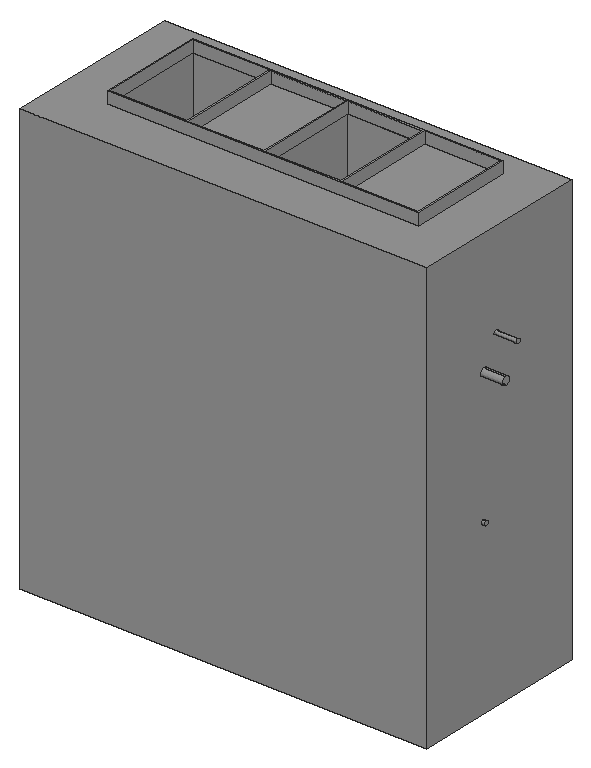
Revit family "Высоконапорный канальный блок VRF-системы", category Mechanical Equipment, host Face, Revit 2016
Family settings
  Host = Face
  Part Type = Normal
  Round Connector Dimension = Use Diameter
  Cut with Voids When Loaded = No
  Shared = No
  Room Calculation Point = No
Parameters (values of type "ESVMD-SF-224-A")
  Электропитание, (В) = size_lookup(Таблица электропитание, "", "Не найдено", Артикул)  # "380"
  Эл. питание(коннектор) = 380 V
  Ширина воздуховода = Ширина - 260.00 mm  # 800.00 mm
  Частота сети = size_lookup(Таблица параметров, "Частота сети", 0 Hz, Артикул)  # 50 Hz
  Холодопроизводительность = size_lookup(Таблица параметров, "Производительность Охлаждение", 0.00 kW, Артикул)  # 22.40 kW
  Фаза = 1
  Теплопроизводительность = size_lookup(Таблица параметров, "Производительность Нагрев", 0.00 kW, Артикул)  # 25.00 kW
  Таблица электропитание = "Электропитание"  # constant formula
  Ширина = size_lookup(Таблица параметров, "Ширина", 0.00 mm, Артикул)  # 1060.00 mm
  Уровень звукового давления, (Дб(А)) = size_lookup(Таблица уровень звукового давления, "", "Не найдено", Артикул)  # "52"
  Таблица уровень звукового давления = "Уровень звукового давления"  # constant formula
  Таблица расход воздуха = "Расход воздуха"  # constant formula
  Таблица наименование = "Наименование"  # constant formula
  Таблица модель = "Модель"  # constant formula
  Таблица параметров = "Таблица параметров"  # constant formula
  Расход воздуха, (м.куб/ч) = size_lookup(Таблица расход воздуха, "", "Не найдено", Артикул)  # "3480"
  Производитель = "Electrolux"  # constant formula
  Позиция = ""
  Watermarked By = ""
  Default Elevation = 1219.20 mm
  Наименование = size_lookup(Таблица наименование, "", "Не найдено", Артикул)  # "Высоконапорный канальный блок VRF-системы"
  Модель = size_lookup(Таблица модель, "", "Не найдено", Артикул)  # "ESVMD-SF-224-A"
  Диаметр жидкостной трубы = size_lookup(Таблица параметров, "Диаметр френопровода жидкость", 0.00 mm, Артикул)  # 9.53 mm
  Диаметр газовой трубы = size_lookup(Таблица параметров, "Диаметр френопровода газ", 0.00 mm, Артикул)  # 19.05 mm
  Высота воздуховода = 276.00 mm  # constant formula
  Высота = size_lookup(Таблица параметров, "Высота", 0.00 mm, Артикул)  # 470.00 mm
  Глубина = size_lookup(Таблица параметров, "Глубина", 0.00 mm, Артикул)  # 1120.00 mm
  Вес = size_lookup(Таблица параметров, "Вес", 0.00 kg, Артикул)  # 94.00 kg
  Артикул = 1022707
Types (3, lengths in mm): name | Ширина воздуховода | Холодопроизводительность | Теплопроизводительность | Ширина | Уровень звукового давления, (Дб(А)) | Расход воздуха, (м.куб/ч) | Модель | Диаметр газовой трубы | Вес | Артикул
  (no name) | 800.00 | 22.40 kW | 25.00 kW | 1060.00 | "52" | "3480" | "ESVMD-SF-224-A" | 19.05 | 94.00 kg | 1022707
  ESVMD-SF-224-A | 800.00 | 22.40 kW | 25.00 kW | 1060.00 | "52" | "3480" | "ESVMD-SF-224-A" | 19.05 | 94.00 kg | 1022707
  ESVMD-SF-280-A | 990.00 | 28.00 kW | 31.50 kW | 1250.00 | "54" | "4650" | "ESVMD-SF-280-A" | 22.20 | 106.00 kg | 1022708
Reference planes
  plane 1 "По центру (Вперед/Назад)": y = 0
  plane 2: z = 0
  plane 3 "По центру (Влево/Вправо)": x = 0
Dimensions and locks
  aligned and locked: plane 2 to host face
  aligned and locked: level to host face
  aligned and locked: nested 4 to plane 3 "По центру (Влево/Вправо)"
  aligned and locked: plane 1 "По центру (Вперед/Назад)" to nested 4
Nested families
  nested 1: "Трубка" at (530, -13, 874) x (0, 0, -1) z (1, 0, 0), Диаметр трубки <- "Диаметр жидкостной трубы", type "Трубка"
    with Диаметр трубки 9.53 mm
  nested 2: "Трубка" at (530, -53, 799) x (0, 0, -1) z (1, 0, 0), Диаметр трубки <- "Диаметр газовой трубы", type "Трубка"
    with Диаметр трубки 19.05 mm
  nested 3: "Трубка l" at (530, -55, 450) x (0, 0, -1) z (1, 0, 0), type "Трубка l"
    with Диаметр трубки 10.00 mm
  nested 4: "Корпус высоконапорного" at (0, 0, 0) x (0, 1, 0) z (0, 0, 1), Высота воздуховода <- "Высота воздуховода", Глубина <- "Глубина", Высота <- "Высота", Ширина <- "Ширина", Ширина воздуховода <- "Ширина воздуховода", type "Корпус высоконапорного"
    with Ширина воздуховода 800.00 mm, Ширина 1060.00 mm, Глубина 1120.00 mm, Высота воздуховода 276.00 mm, Высота 470.00 mm
Connectors
  piping at (590, -13, 874), diameter 9.53, driven by "Диаметр жидкостной трубы"
    settings: on nested 1, index 1, connector inside diameter 609.6 mm, connector length 0.00 mm, flow factor 0, pipe flow 0 m³/h, pressure drop 0.0 Pa, fitting loss kfactor 0, connector angle 0.00°, fixture units 0, engagement length 0.00 mm, angle of deflection 0.00°, flow configuration 0, flow direction 0, fitting loss method 0, system type 7, joint type 0, gender type 0, connector reference index -1, connector utility 0, adjustable connector no, is connector primary yes, connector description ""
  piping at (590, -53, 799), diameter 9.53, driven by "Диаметр жидкостной трубы"
    settings: on nested 2, index 2, connector inside diameter 609.6 mm, connector length 0.00 mm, flow factor 0, pipe flow 0 m³/h, pressure drop 0.0 Pa, fitting loss kfactor 0, connector angle 0.00°, fixture units 0, engagement length 0.00 mm, angle of deflection 0.00°, flow configuration 0, flow direction 0, fitting loss method 0, system type 7, joint type 0, gender type 0, connector reference index -1, connector utility 0, adjustable connector no, is connector primary no, connector description ""
  electrical at (540, -55, 450), driven by "Эл. питание(коннектор)", driven by "Фаза", driven by "Теплопроизводительность"
    settings: on nested 3, index 3, voltage 380 V, apparent load 0 kW, apparent load phase1 25 kW, apparent load phase2 0 kW, apparent load phase3 0 kW, power factor 1, load classification "Прочее", number of poles 1, system type 31, power factor state 1, is connector primary yes, connector utility no, sub classification motor no, connector description ""
  hvac at (1.5, 30, 1120), driven by "Высота воздуховода", driven by "Ширина воздуховода"
    settings: on nested 4, index 4, duct flow 0 m³/h, flow factor 0, pres drop 0.0 Pa, loss coef 0, conn angle 0.00°, conn width 800 mm, conn height 276 mm, conn diameter 609.6 mm, duct sys type 1, conn prof type 1, flow config 0, flow direction 2, loss method 0, conn ref index -1, conn util no, is conn primary yes, conn desc ""
  hvac at (0, 30, 0), driven by "Высота воздуховода", driven by "Ширина воздуховода"
    settings: on nested 4, index 5, duct flow 0 m³/h, flow factor 0, pres drop 0.0 Pa, loss coef 0, conn angle 0.00°, conn width 800 mm, conn height 276 mm, conn diameter 609.6 mm, duct sys type 1, conn prof type 1, flow config 0, flow direction 1, loss method 0, conn ref index -1, conn util no, is conn primary no, conn desc ""
Definition of nested family "Трубка"
  Parameters (values of type "Трубка")
    Watermarked By = ""
    Type Comments = "﻿﻿                                              ​                       ​     ﻿                     ﻿                               ﻿    ﻿       ﻿﻿           ﻿     ​﻿    ​ ﻿  ﻿             ﻿ ​ ​ ﻿    ﻿     ﻿﻿"
    Keynote = "﻿﻿                                              ​                       ​     ﻿                     ﻿                               ﻿    ﻿       ﻿﻿           ﻿     ​﻿    ​ ﻿  ﻿             ﻿ ​ ​ ﻿    ﻿     ﻿﻿"
    Description = "﻿﻿                                              ​                       ​     ﻿                     ﻿                               ﻿    ﻿       ﻿﻿           ﻿     ​﻿    ​ ﻿  ﻿             ﻿ ​ ​ ﻿    ﻿     ﻿﻿"
    Default Elevation = 1219.20 mm
    Диаметр трубки [instance] = 10.00 mm
    Assembly Code = "﻿﻿                                              ​                       ​     ﻿                     ﻿                               ﻿    ﻿       ﻿﻿           ﻿     ​﻿    ​ ﻿  ﻿             ﻿ ​ ​ ﻿    ﻿     ﻿﻿"
  Reference planes
    plane 1 "По центру (Вперед/Назад)": y = 0
    plane 2: z = 0
    plane 3 "По центру (Влево/Вправо)": x = 0
  Forms (mm)
    Extrusion 1, solid
      sketch origin (0, 0, 0) x (1, 0, 0) y (0, 1, 0)
        loop
          line (-1219.2, 1219.2) -> (-1219.2, -1219.2) -> (1219.2, -1219.2) -> (1219.2, 1219.2) -> (-1219.2, 1219.2)
      from 0 to -304.8
    Extrusion 2, solid, detail levels fine
      sketch origin (0, 0, 0) x (1, 0, 0) y (0, 1, 0)
        loop
          circle (0, 0) r 5
      from 0 to 60
  Dimensions and locks
    "Диаметр трубки": diameter of Extrusion 2 sketch curve
    aligned and locked: plane 2 to Extrusion 1
    aligned and locked: level to Extrusion 1
  Automatic sketch dimensions
    Extrusion 1 sketch curve to Extrusion 1 sketch curve = 2438.40 mm  (x2)
    plane 1 "По центру (Вперед/Назад)" to Extrusion 2 sketch curve = 0.00 mm
    Extrusion 2 sketch curve to plane 3 "По центру (Влево/Вправо)" = 0.00 mm
Definition of nested family "Трубка l"
  Parameters (values of type "Трубка l")
    Watermarked By = ""
    Type Comments = "﻿﻿                                              ​                       ​     ﻿                     ﻿                               ﻿    ﻿       ﻿﻿           ﻿     ​﻿    ​ ﻿  ﻿             ﻿ ​ ​ ﻿    ﻿     ﻿﻿"
    Keynote = "﻿﻿                                              ​                       ​     ﻿                     ﻿                               ﻿    ﻿       ﻿﻿           ﻿     ​﻿    ​ ﻿  ﻿             ﻿ ​ ​ ﻿    ﻿     ﻿﻿"
    Description = "﻿﻿                                              ​                       ​     ﻿                     ﻿                               ﻿    ﻿       ﻿﻿           ﻿     ​﻿    ​ ﻿  ﻿             ﻿ ​ ​ ﻿    ﻿     ﻿﻿"
    Default Elevation = 1219.20 mm
    Диаметр трубки [instance] = 10.00 mm
    Assembly Code = "﻿﻿                                              ​                       ​     ﻿                     ﻿                               ﻿    ﻿       ﻿﻿           ﻿     ​﻿    ​ ﻿  ﻿             ﻿ ​ ​ ﻿    ﻿     ﻿﻿"
  Reference planes
    plane 1 "По центру (Вперед/Назад)": y = 0
    plane 2: z = 0
    plane 3 "По центру (Влево/Вправо)": x = 0
  Forms (mm)
    Extrusion 1, solid
      sketch origin (0, 0, 0) x (1, 0, 0) y (0, 1, 0)
        loop
          line (-1219.2, 1219.2) -> (-1219.2, -1219.2) -> (1219.2, -1219.2) -> (1219.2, 1219.2) -> (-1219.2, 1219.2)
      from 0 to -304.8
    Extrusion 2, solid, detail levels fine
      sketch origin (0, 0, 0) x (1, 0, 0) y (0, 1, 0)
        loop
          circle (0, 0) r 5
      from 0 to 10
  Dimensions and locks
    "Диаметр трубки": diameter of Extrusion 2 sketch curve
    aligned and locked: plane 2 to Extrusion 1
    aligned and locked: level to Extrusion 1
  Automatic sketch dimensions
    Extrusion 1 sketch curve to Extrusion 1 sketch curve = 2438.40 mm  (x2)
    plane 1 "По центру (Вперед/Назад)" to Extrusion 2 sketch curve = 0.00 mm
    Extrusion 2 sketch curve to plane 3 "По центру (Влево/Вправо)" = 0.00 mm
Definition of nested family "Корпус высоконапорного"
  Parameters (values of type "Корпус высоконапорного")
    Ширина воздуховода [instance] = 800.00 mm
    Ширина [instance] = 1060.00 mm
    Watermarked By = ""
    Type Comments = "﻿﻿                                              ​                       ​     ﻿                     ﻿                               ﻿    ﻿       ﻿﻿           ﻿     ​﻿    ​ ﻿  ﻿             ﻿ ​ ​ ﻿    ﻿     ﻿﻿"
    Keynote = "﻿﻿                                              ​                       ​     ﻿                     ﻿                               ﻿    ﻿       ﻿﻿           ﻿     ​﻿    ​ ﻿  ﻿             ﻿ ​ ​ ﻿    ﻿     ﻿﻿"
    Description = "﻿﻿                                              ​                       ​     ﻿                     ﻿                               ﻿    ﻿       ﻿﻿           ﻿     ​﻿    ​ ﻿  ﻿             ﻿ ​ ​ ﻿    ﻿     ﻿﻿"
    Default Elevation = 1219.20 mm
    Высота воздуховода [instance] = 176.00 mm
    Высота [instance] = 470.00 mm
    Глубина [instance] = 1120.00 mm
    Assembly Code = "﻿﻿                                              ​                       ​     ﻿                     ﻿                               ﻿    ﻿       ﻿﻿           ﻿     ​﻿    ​ ﻿  ﻿             ﻿ ​ ​ ﻿    ﻿     ﻿﻿"
  Reference planes
    plane 1 "По центру (Вперед/Назад)": y = 0
    plane 2: z = 0
    plane 3 "По центру (Влево/Вправо)": x = 0
    plane 4: y = 530
    plane 5: y = -530
    plane 6: x = -235
    plane 7: x = 235
    plane 8: y = -400
    plane 9: y = 400
    plane 10: x = -105
    plane 11: x = 165
    plane 12: x = -108
    plane 13: x = 168
    plane 14: y = 403
    plane 15: y = -403
    plane 16: y = 200
    plane 17: y = -200
    plane 18: y = 197
    plane 19: y = -203
    plane 20: y = -3
  Forms (mm)
    Extrusion 1, solid
      sketch origin (0, 0, 0) x (1, 0, 0) y (0, 1, 0)
        loop
          line (-1219.2, 1219.2) -> (-1219.2, -1219.2) -> (1219.2, -1219.2) -> (1219.2, 1219.2) -> (-1219.2, 1219.2)
      from 0 to -304.8
    Extrusion 2, solid, detail levels medium+fine
      sketch origin (0, 0, 0) x (1, 0, 0) y (0, 1, 0)
        loop
          line (-235, -530) -> (235, -530) -> (235, 530) -> (-235, 530) -> (-235, -530)
      from 0 to 1120 <- "Глубина"
    Extrusion 3, void
      sketch origin (0, 0, 0) x (1, 0, 0) y (0, 0, 1)
        loop
          line (165, 850) -> (165, 1120) -> (-105, 1120) -> (165, 850)
      from 0 to 200
    Extrusion 4, solid, detail levels fine
      sketch origin (0, 0, 0) x (0, 1, 0) y (1, 0, 0)
        loop
          line (403, -108) -> (403, 168) -> (-403, 168) -> (-403, -108) -> (403, -108)
        loop
          line (400, -105) -> (400, 165) -> (-400, 165) -> (-400, -105) -> (400, -105)
      from 0 to 30
    Extrusion 5, solid, detail levels fine
      sketch origin (0, 0, 1120) x (1, 0, 0) y (0, 1, 0)
        loop
          line (165, 197) -> (-105, 197) -> (-105, 0) -> (165, 0) -> (165, 197)
        loop
          line (-105, 400) -> (-105, 200) -> (165, 200) -> (165, 400) -> (-105, 400)
        loop
          line (165, -403) -> (165, -203) -> (-105, -203) -> (-105, -403) -> (165, -403)
        loop
          line (168, 403) -> (-108, 403) -> (-108, -406) -> (168, -406) -> (168, 403)
        loop
          line (-105, -200) -> (165, -200) -> (165, -3) -> (-105, -3) -> (-105, -200)
      from 0 to 30
    Extrusion 6, void
      sketch origin (0, 0, 0) x (1, 0, 0) y (0, 0, 1)
        loop
          line (-105, 1120) -> (165, 850) -> (165, 1120) -> (-105, 1120)
      from -400 to -200
  Cuts and joins
    Extrusion 3, Extrusion 6 cuts Extrusion 2
    Extrusion 6 cuts Extrusion 5
  Lines and regions (mm)
    model lines, detail levels coarse
      curve 1: line (235, -530, 0) -> (235, 530, 0)
      curve 2: line (235, -530, 1120) -> (235, 530, 1120)
      curve 3: line (235, -530, 0) -> (235, -530, 1120)
      curve 4: line (235, -530, 1120) -> (-235, -530, 1120)
      curve 5: line (-235, -530, 0) -> (235, -530, 0)
      curve 6: line (235, 530, 0) -> (235, 530, 1120)
      curve 7: line (235, 530, 1120) -> (-235, 530, 1120)
      curve 8: line (-235, 530, 0) -> (235, 530, 0)
      curve 9: line (-235, 530, 0) -> (-235, -530, 0)
      curve 10: line (-235, -530, 0) -> (-235, -530, 1120)
      curve 11: line (-235, -530, 1120) -> (-235, 530, 1120)
      curve 12: line (-235, 530, 1120) -> (-235, 530, 0)
  Dimensions and locks
    equal spacing: plane 4, plane 1 "По центру (Вперед/Назад)", plane 5
    equal spacing: plane 6, plane 3 "По центру (Влево/Вправо)", plane 7
    "Ширина": plane 4 to plane 5
    "Высота": plane 6 to plane 7
    locked: plane 11 to plane 7 at 70
    locked: plane 6 to plane 10 at 130
    locked: plane 8 to plane 15 at 3
    locked: plane 14 to plane 9 at 3
    locked: plane 12 to plane 10 at 3
    locked: plane 11 to plane 13 at 3
    "Ширина воздуховода": plane 9 to plane 8
    equal spacing: plane 9, plane 1 "По центру (Вперед/Назад)", plane 8
    plane 9 to plane 16 = 200.00 mm
    plane 17 to plane 1 "По центру (Вперед/Назад)" = 200.00 mm
    plane 17 to plane 8 = 200.00 mm
    plane 1 "По центру (Вперед/Назад)" to plane 16 = 200.00 mm
    plane 20 to plane 1 "По центру (Вперед/Назад)" = 3.00 mm
    locked: cut or joined group of Extrusion 2, Extrusion 3, Extrusion 6 to Extrusion 5 at 270
    aligned and locked: plane 2 to Extrusion 1
    aligned and locked: level to Extrusion 1
    aligned and locked: Extrusion 2 sketch curve to plane 5
    aligned and locked: Extrusion 2 sketch curve to plane 6
    aligned and locked: plane 4 to Extrusion 2 sketch curve
    aligned and locked: plane 7 to Extrusion 2 sketch curve
    aligned and locked: curve 1 to Extrusion 2
    aligned and locked: Extrusion 3 to plane 1 "По центру (Вперед/Назад)"
    aligned and locked: Extrusion 3 to plane 17
    aligned and locked: Extrusion 4 sketch curve to plane 14
    aligned and locked: Extrusion 4 sketch curve to plane 12
    aligned and locked: plane 15 to Extrusion 4 sketch curve
    aligned and locked: plane 13 to Extrusion 4 sketch curve
    aligned and locked: Extrusion 5 sketch curve to plane 16
    aligned and locked: Extrusion 5 sketch curve to cut or joined group of Extrusion 2, Extrusion 3, Extrusion 6
    aligned and locked: plane 1 "По центру (Вперед/Назад)" to Extrusion 5 sketch curve
    aligned and locked: Extrusion 4 to plane 9
    aligned and locked: Extrusion 5 sketch curve to Extrusion 4
    aligned and locked: Extrusion 3 sketch curve to cut or joined group of Extrusion 2, Extrusion 3, Extrusion 6
    aligned and locked: plane 9 to Extrusion 6
    aligned and locked: Extrusion 6 to plane 16
  Automatic sketch dimensions
    curve 1 to plane 5 = 0.00 mm
    curve 1 to plane 4 = 0.00 mm
    Extrusion 1 sketch curve to Extrusion 1 sketch curve = 2438.40 mm  (x2)
    curve 2 to Extrusion 2 = 0.00 mm  (x2)
    Extrusion 2 to curve 2 = 0.00 mm
    curve 4 to Extrusion 2 = 0.00 mm  (x3)
    curve 5 to Extrusion 2 = 0.00 mm  (x2)
    curve 12 to Extrusion 2 = 0.00 mm
    Extrusion 2 to curve 11 = 0.00 mm
    curve 11 to Extrusion 2 = 0.00 mm
    curve 9 to Extrusion 2 = 0.00 mm
    curve 6 to Extrusion 2 = 0.00 mm
    Extrusion 2 to curve 6 = 0.00 mm
    curve 8 to Extrusion 2 = 0.00 mm  (x2)
    Extrusion 2 to curve 7 = 0.00 mm
    Extrusion 4 sketch curve to Extrusion 4 sketch curve = 3.00 mm  (x4)
    Extrusion 5 sketch curve to Extrusion 2 = 127.00 mm  (x2)
    Extrusion 5 sketch curve to Extrusion 2 = 130.00 mm  (x2)
    Extrusion 5 sketch curve to Extrusion 5 sketch curve = 0.00 mm  (x4)
    Extrusion 5 sketch curve to Extrusion 5 sketch curve = 3.00 mm  (x7)
    Extrusion 5 sketch curve to Extrusion 2 = 70.00 mm
    Extrusion 3 sketch curve to plane 10 = 0.00 mm
    plane 11 to Extrusion 3 sketch curve = 0.00 mm
    Extrusion 3 sketch curve to Extrusion 3 sketch curve = 270.00 mm
    Extrusion 6 sketch curve to plane 10 = 0.00 mm
    plane 11 to Extrusion 6 sketch curve = 0.00 mm
    level to Extrusion 6 sketch curve = 850.00 mm
    Extrusion 6 sketch curve to Extrusion 6 sketch curve = 270.00 mm
